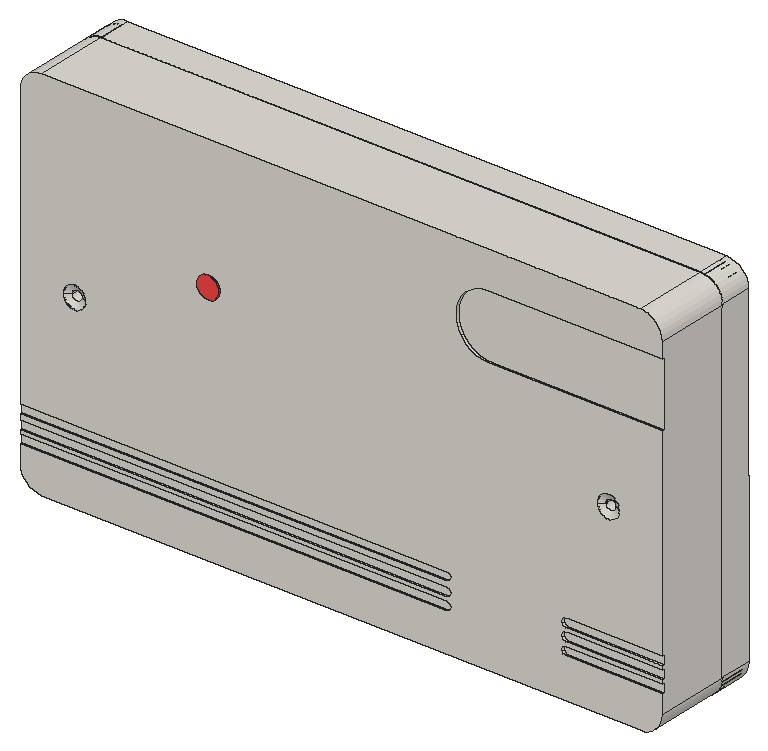
Revit family "TYCO-FPP-Zettler-DIM800 detector input monitor module", category Electrical Fixtures, Revit 2014
Parameters (values of type "TYCO-FPP-Zettler-DIM800 detector input monitor module")
  Wire Size (maximum) = "2.5sq. mm"
  Width = 84 mm  # constant formula
  URL = "https://www.tycosafetyproducts-anz.com/public/Datasheet/CIM800dat1505.pdf"
  Type Comments = "The CIM800 is a flexible addressable input-monitoring\r\ndevice that fits in the standard ancillary housings."
  Storage Temperature = "–40°C to +80°C"
  Relative Humidity = "10% to 95%"
  Rear Cover = yes
  Quiescent Current = "280μA\r\n280μA"
  PCB = PCB
  Model = "Zettler-555.800.012"
  Manufacturer = "Tyco"
  Loop Voltage = "20V to 40Vdc"
  Length = 61 mm  # constant formula
  Keynote = "Interface up to 2 circuits of\r\nconventional detectors"
  Front Cover = yes
  Detector Load = "3mA (max. per input)"
  Detector EOL = "4k7 Ohm"
  Description = "The DIM800 Addressable Detector Input Module interfaces\r\ntwo conventional detector circuits onto the MX addressable\r\nloop."
  Current per Circuit = ".5mA"
  Ambient Temperature = "–25°C to +70°C\r\n–25°C to +70°C"
  Alarm State Current = "280μA"
  Alarm Current = "30 to 50mA"
Reference planes
  plane 1 "Center (Front/Back)": y = 0
  plane 2: z = 0
  plane 3 "Center (Left/Right)": x = 0
  plane 4: z = -30.5
  plane 5: z = 30.5
  plane 6: x = -42
  plane 7: x = 42
Forms (mm)
  Extrusion 1, solid, material "PCB" <- "PCB", detail levels fine
    sketch origin (0, 0, 0) x (1, 0, 0) y (0, 0, 1)
      loop
        line (-42, 30.5) -> (-42, -30.5) -> (42, -30.5) -> (42, 30.5) -> (-42, 30.5)
      loop
        circle (-27.247, 10.659) r 2.622
      loop
        circle (-27.247, -10.659) r 2.622
      loop
        circle (27.247, 10.659) r 2.622
      loop
        circle (27.247, -10.659) r 2.622
      loop
        circle (37.556, 26.606) r 1.086
      loop
        circle (37.556, -26.606) r 1.086
      loop
        circle (-37.556, 26.606) r 1.086
      loop
        circle (-37.556, -26.606) r 1.086
    from 0 to -0.506
  Extrusion 2, solid, material "ss", detail levels fine
    sketch origin (-42, 0, 25.5) x (0, 0, 1) y (0, 1, 0)
      loop
        line (3.493, 0) -> (-7.283, 0) -> (-7.283, -2.806) -> (-4.09, -5.999) -> (0.91, -5.999) -> (3.493, -3.416) -> (3.493, 0)
    from -13.219 to -70.891
  Extrusion 3, solid, material "ST", detail levels fine
    sketch origin (-42, 0, 18.217) x (-1, 0, 0) y (0, 1, 0)
      loop
        line (-14.91, -3.079) -> (-18.456, -3.079) -> (-18.456, -5.523) -> (-14.91, -5.523) -> (-14.91, -3.079)
      loop
        line (-19.339, -3.079) -> (-22.804, -3.079) -> (-22.804, -5.523) -> (-19.339, -5.523) -> (-19.339, -3.079)
      loop
        line (-23.747, -3.079) -> (-27.212, -3.079) -> (-27.212, -5.523) -> (-23.747, -5.523) -> (-23.747, -3.079)
      loop
        line (-28.176, -3.079) -> (-31.641, -3.079) -> (-31.641, -5.523) -> (-28.176, -5.523) -> (-28.176, -3.079)
      loop
        line (-32.813, -3.079) -> (-36.278, -3.079) -> (-36.278, -5.523) -> (-32.813, -5.523) -> (-32.813, -3.079)
      loop
        line (-37.284, -3.079) -> (-40.749, -3.079) -> (-40.749, -5.523) -> (-37.284, -5.523) -> (-37.284, -3.079)
      loop
        line (-69.008, -3.079) -> (-69.008, -5.523) -> (-65.544, -5.523) -> (-65.544, -3.079) -> (-69.008, -3.079)
      loop
        line (-64.661, -3.079) -> (-64.661, -5.523) -> (-61.196, -5.523) -> (-61.196, -3.079) -> (-64.661, -3.079)
      loop
        line (-60.253, -3.079) -> (-60.253, -5.523) -> (-56.788, -5.523) -> (-56.788, -3.079) -> (-60.253, -3.079)
      loop
        line (-55.824, -3.079) -> (-55.824, -5.523) -> (-52.359, -5.523) -> (-52.359, -3.079) -> (-55.824, -3.079)
      loop
        line (-51.187, -3.079) -> (-51.187, -5.523) -> (-47.722, -5.523) -> (-47.722, -3.079) -> (-51.187, -3.079)
      loop
        line (-46.716, -3.079) -> (-46.716, -5.523) -> (-43.251, -5.523) -> (-43.251, -3.079) -> (-46.716, -3.079)
    from -0.123 to -3.193
  Extrusion 4, solid, material "ST", detail levels fine
    sketch origin (-42, -5.999, 26.41) x (0, 0.707107, 0.707107) y (-1, 0, 0)
      loop
        circle (2, -16.53) r 1.452
      loop
        circle (2, -20.889) r 1.452
      loop
        circle (2, -25.257) r 1.452
      loop
        circle (2, -29.767) r 1.452
      loop
        circle (2, -34.462) r 1.452
      loop
        circle (2, -38.947) r 1.452
      loop
        circle (2, -44.808) r 1.452
      loop
        circle (2, -49.284) r 1.452
      loop
        circle (1.753, -53.993) r 1.452
      loop
        circle (1.753, -58.469) r 1.452
      loop
        circle (1.753, -62.858) r 1.452
      loop
        circle (1.753, -67.189) r 1.452
    from -0.992 to 0.551
  Extrusion 5, solid, material "RS", detail levels fine
    sketch origin (0, 0, 0) x (1, 0, 0) y (0, 0, 1)
      loop
        circle (-10.821, 7.014) r 1.667
      loop
        circle (-10.821, 7.014) r 1.124
      loop
        circle (8.407, 7.685) r 1.667
      loop
        circle (8.407, 7.685) r 1.124
      loop
        circle (11.05, 12.453) r 1.667
      loop
        circle (11.05, 12.453) r 1.124
      loop
        circle (-10.821, 12.014) r 1.667
      loop
        circle (-10.821, 12.014) r 1.124
    from 0 to 3.079
  Extrusion 6, solid, material "RS(1)", detail levels fine
    sketch origin (0, 0, 0) x (1, 0, 0) y (0, 0, 1)
      loop
        circle (-4.351, -23.584) r 2.22
    from 0 to 5.103
Lines and regions (mm)
  model lines, detail levels fine
    curve 1: line (1.763, 0, 9.638) -> (6.502, 0, 4.9)
    curve 2: line (6.502, 0, 4.9) -> (21.527, 0, 4.9)
    curve 3: line (2.392, 0, 10.141) -> (6.833, 0, 5.7)
    curve 4: line (6.833, 0, 5.7) -> (21.502, 0, 5.7)
    curve 5: line (31.478, 0, 5.7) -> (36.502, 0, 5.7)
    curve 6: line (36.502, 0, 5.7) -> (36.502, 0, -11.206)
    curve 7: line (36.502, 0, -11.206) -> (32.966, 0, -14.742)
    curve 8: line (32.966, 0, -14.742) -> (32.966, 0, -22.251)
    curve 9: line (31.502, 0, 6.5) -> (37.302, 0, 6.5)
    curve 10: line (37.302, 0, 6.5) -> (37.302, 0, -11.538)
    curve 11: line (37.302, 0, -11.538) -> (33.766, 0, -15.073)
    curve 12: line (33.766, 0, -15.073) -> (33.766, 0, -22.295)
    curve 13: line (19.85, 0, -2.373) -> (19.85, 0, -18.714)
    curve 14: line (19.85, 0, -18.714) -> (16.317, 0, -22.247)
    curve 15: line (20.65, 0, -2.368) -> (20.65, 0, -19.046)
    curve 16: line (20.65, 0, -19.046) -> (16.931, 0, -22.765)
    curve 17: line (2.946, 0, -2.4) -> (6.085, 0, -5.538)
    curve 18: line (6.085, 0, -5.538) -> (16.94, 0, -5.538)
    curve 19: line (2.354, 0, -2.939) -> (5.754, 0, -6.338)
    curve 20: line (5.754, 0, -6.338) -> (16.924, 0, -6.338)
    curve 21: line (-36.808, 0, -19.354) -> (-36.808, 0, 14.365)
    curve 22: line (-36.808, 0, 14.365) -> (-30.85, 0, 14.365)
    curve 23: line (-37.608, 0, -19.328) -> (-37.608, 0, 15.165)
    curve 24: line (-37.608, 0, 15.165) -> (-30.85, 0, 15.165)
    curve 25: line (-24.467, 0, 6.5) -> (-22.33, 0, 4.363)
    curve 26: line (-22.33, 0, 4.363) -> (-8.704, 0, 4.363)
    curve 27: line (-8.704, 0, 4.363) -> (-8.704, 0, -5.588)
    curve 28: line (-23.901, 0, 7.066) -> (-21.999, 0, 5.163)
    curve 29: line (-21.999, 0, 5.163) -> (-7.904, 0, 5.163)
    curve 30: line (-7.904, 0, 5.163) -> (-7.904, 0, -5.612)
    curve 31: line (-20.061, 0, 8.821) -> (-2.117, 0, 8.821)
    curve 32: line (-20.013, 0, 9.621) -> (-2.117, 0, 9.621)
    curve 33: line (39.756, 0, -7.953) -> (39.756, 0, 19.224)
    curve 34: line (39.756, 0, 19.224) -> (33.766, 0, 19.224)
    curve 35: line (38.956, 0, 18.424) -> (33.744, 0, 18.424)
    curve 36: line (38.956, 0, -7.998) -> (38.956, 0, 18.424)
    curve 37: circle (32.68, 0, 18.853) r 1.147 normal (0, -1, 0)
    curve 38: circle (30.709, 0, 6.123) r 0.877 normal (0, -1, 0)
    curve 39: circle (39.401, 0, -8.776) r 0.897 normal (0, -1, 0)
    curve 40: circle (1.46, 0, 10.662) r 1.068 normal (0, -1, 0)
    curve 41: circle (22.697, 0, 5.337) r 1.249 normal (0, -1, 0)
    curve 42: circle (33.316, 0, -23.181) r 0.993 normal (0, -1, 0)
    curve 43: circle (16, 0, -23.247) r 1.048 normal (0, -1, 0)
    curve 44: circle (18.024, 0, -5.961) r 1.163 normal (0, -1, 0)
    curve 45: circle (20.244, 0, -1.435) r 1.018 normal (0, -1, 0)
    curve 46: circle (2.091, 0, -2.055) r 0.923 normal (0, -1, 0)
    curve 47: circle (-8.334, 0, -6.598) r 1.076 normal (0, -1, 0)
    curve 48: circle (-1.49, 0, 9.16) r 1.077 normal (0, -1, 0)
    curve 49: circle (-23.901, 0, 7.066) r 0.8 normal (0, -1, 0)
    curve 50: circle (-20.742, 0, 9.263) r 0.812 normal (0, -1, 0)
    curve 51: circle (-29.845, 0, 14.798) r 0.868 normal (0, -1, 0)
    curve 52: circle (-37.248, 0, -20.601) r 1.323 normal (0, -1, 0)
    curve 53: line (-42, 0, 30.5) -> (42, 0, 30.5)
    curve 54: line (-42, 0, -30.5) -> (-42, 0, 30.5)
    curve 55: line (42, 0, -30.5) -> (-42, 0, -30.5)
    curve 56: line (42, 0, 30.5) -> (42, 0, -30.5)
Dimensions and locks
  equal spacing: plane 7, plane 3 "Center (Left/Right)", plane 6
  "Width": plane 7 to plane 6
  equal spacing: plane 5, plane 2, plane 4
  "Length": plane 5 to plane 4
  aligned and locked: level to plane 2
  aligned and locked: plane 5 to Extrusion 1 sketch curve
  aligned and locked: plane 6 to Extrusion 1 sketch curve
  aligned and locked: plane 4 to Extrusion 1 sketch curve
  aligned and locked: plane 7 to Extrusion 1 sketch curve
  aligned and locked: Extrusion 6 to plane 1 "Center (Front/Back)"
  aligned and locked: plane 5 to curve 53
  aligned and locked: plane 7 to curve 56
  aligned and locked: plane 4 to curve 55
  aligned and locked: plane 6 to curve 54
  aligned and locked: plane 1 "Center (Front/Back)" to nested 1
  aligned and locked: plane 2 to nested 1
  aligned and locked: plane 3 "Center (Left/Right)" to nested 1
  aligned and locked: nested 2 to Extrusion 1
  aligned and locked: plane 3 "Center (Left/Right)" to nested 2
  aligned and locked: plane 2 to nested 2
Automatic sketch dimensions
  plane 6 to Extrusion 1 sketch curve = 4.444 mm  (x2)
  plane 6 to Extrusion 1 sketch curve = 14.753 mm  (x2)
  plane 7 to Extrusion 1 sketch curve = 14.753 mm  (x2)
  plane 7 to Extrusion 1 sketch curve = 4.444 mm  (x2)
  plane 4 to Extrusion 1 sketch curve = 3.894 mm  (x2)
  Extrusion 1 sketch curve to level = 10.659 mm  (x2)
  level to Extrusion 1 sketch curve = 10.659 mm  (x2)
  plane 5 to Extrusion 1 sketch curve = 3.894 mm  (x2)
  Extrusion 2 sketch curve to Extrusion 1 = 0 mm
  Extrusion 1 to Extrusion 2 sketch curve = 12.283 mm
  Extrusion 2 sketch curve to Extrusion 2 sketch curve = 3.193 mm  (x2)
  Extrusion 1 to Extrusion 2 sketch curve = 4.09 mm
  Extrusion 2 sketch curve to Extrusion 2 sketch curve = 2.806 mm
  Extrusion 1 to Extrusion 2 sketch curve = 1.507 mm
  Extrusion 2 sketch curve to Extrusion 2 sketch curve = 3.416 mm
  Extrusion 3 sketch curve to Extrusion 2 = 1.883 mm
  Extrusion 3 sketch curve to Extrusion 3 sketch curve = 3.465 mm  (x11)
  Extrusion 3 sketch curve to Extrusion 2 = 0.273 mm  (x12)
  Extrusion 3 sketch curve to Extrusion 3 sketch curve = 0.883 mm  (x2)
  Extrusion 3 sketch curve to Extrusion 3 sketch curve = 0.943 mm  (x2)
  Extrusion 3 sketch curve to Extrusion 3 sketch curve = 0.964 mm  (x2)
  Extrusion 3 sketch curve to Extrusion 3 sketch curve = 1.172 mm  (x2)
  Extrusion 3 sketch curve to Extrusion 3 sketch curve = 1.006 mm  (x2)
  Extrusion 3 sketch curve to Extrusion 3 sketch curve = 2.501 mm
  Extrusion 3 sketch curve to Extrusion 2 = 1.69 mm
  Extrusion 3 sketch curve to Extrusion 3 sketch curve = 2.444 mm  (x2)
  Extrusion 3 sketch curve to Extrusion 3 sketch curve = 0 mm  (x10)
  Extrusion 2 to Extrusion 4 sketch curve = 1.753 mm  (x4)
  Extrusion 4 sketch curve to Extrusion 2 = 1.654 mm  (x8)
  Extrusion 2 to Extrusion 4 sketch curve = 3.703 mm
  Extrusion 4 sketch curve to Extrusion 4 sketch curve = 4.331 mm
  Extrusion 4 sketch curve to Extrusion 4 sketch curve = 4.389 mm
  Extrusion 4 sketch curve to Extrusion 4 sketch curve = 4.476 mm  (x2)
  Extrusion 4 sketch curve to Extrusion 4 sketch curve = 4.709 mm
  Extrusion 4 sketch curve to Extrusion 4 sketch curve = 5.862 mm
  Extrusion 4 sketch curve to Extrusion 4 sketch curve = 4.485 mm
  Extrusion 4 sketch curve to Extrusion 4 sketch curve = 4.695 mm
  Extrusion 4 sketch curve to Extrusion 4 sketch curve = 4.509 mm
  Extrusion 4 sketch curve to Extrusion 4 sketch curve = 4.369 mm
  Extrusion 2 to Extrusion 4 sketch curve = 3.31 mm
  curve 24 to Extrusion 1 = 4.392 mm
  curve 23 to curve 52 = 0.36 mm
  curve 23 to curve 21 = 0.8 mm
  curve 21 to curve 51 = 6.962 mm
  curve 51 to curve 49 = 5.945 mm
  curve 49 to curve 26 = 1.571 mm
  curve 25 to curve 28 = 0.331 mm
  curve 49 to curve 50 = 3.159 mm
  curve 50 to curve 27 = 12.038 mm
  curve 27 to curve 47 = 0.37 mm
  curve 26 to curve 30 = 0.8 mm
  curve 29 to curve 48 = 6.414 mm
  curve 48 to curve 40 = 2.95 mm
  curve 30 to curve 46 = 9.995 mm
  curve 46 to curve 19 = 3.663 mm
  curve 19 to curve 18 = 0.331 mm
  curve 40 to curve 1 = 5.041 mm
  curve 1 to curve 3 = 0.331 mm
  curve 43 to Extrusion 1 = 7.253 mm
  curve 19 to curve 43 = 10.246 mm
  curve 17 to curve 44 = 11.939 mm
  curve 43 to curve 13 = 3.85 mm
  curve 13 to curve 45 = 0.394 mm
  curve 13 to curve 16 = 0.8 mm
  curve 45 to curve 41 = 2.453 mm
  curve 41 to curve 38 = 8.012 mm
  curve 37 to Extrusion 1 = 9.32 mm
  curve 7 to Extrusion 1 = 9.034 mm
  curve 8 to curve 42 = 0.35 mm
  curve 7 to curve 12 = 0.8 mm
  curve 5 to Extrusion 1 = 5.498 mm
  curve 6 to curve 10 = 0.8 mm
  curve 36 to Extrusion 1 = 3.044 mm
  curve 36 to curve 39 = 0.446 mm
  curve 35 to curve 34 = 0.8 mm
  curve 42 to Extrusion 1 = 7.319 mm
  curve 52 to Extrusion 1 = 9.899 mm
  curve 43 to curve 16 = 4.201 mm
  curve 15 to curve 14 = 0.331 mm
  curve 42 to curve 12 = 8.108 mm
  curve 11 to curve 7 = 0.331 mm
  curve 11 to curve 11 = 3.536 mm
  curve 10 to curve 7 = 0.331 mm
  curve 10 to curve 39 = 2.761 mm
  curve 47 to Extrusion 1 = 23.902 mm
  curve 47 to curve 19 = 0.259 mm
  curve 20 to curve 44 = 0.378 mm
  curve 19 to curve 17 = 0.8 mm
  curve 17 to curve 46 = 3.484 mm
  curve 44 to curve 45 = 4.526 mm
  curve 47 to curve 26 = 10.961 mm
  curve 46 to curve 1 = 6.955 mm
  curve 25 to curve 29 = 0.8 mm
  curve 2 to curve 41 = 0.437 mm
  curve 41 to curve 5 = 0.363 mm
  curve 1 to curve 3 = 0.8 mm
  curve 5 to curve 38 = 0.423 mm
  curve 5 to curve 10 = 0.8 mm
  curve 28 to curve 49 = 1.902 mm
  curve 29 to curve 48 = 3.997 mm
  curve 49 to curve 50 = 2.198 mm
  curve 48 to curve 40 = 1.502 mm
  curve 49 to curve 21 = 7.299 mm
  curve 22 to curve 51 = 0.433 mm
  curve 21 to curve 23 = 0.8 mm
  curve 9 to curve 36 = 11.924 mm
  curve 35 to curve 37 = 0.43 mm
  curve 35 to curve 33 = 0.8 mm
  curve 24 to curve 51 = 1.005 mm
  curve 24 to curve 22 = 0 mm
  curve 25 to curve 49 = 0.566 mm  (x2)
  curve 28 to curve 49 = 0 mm  (x2)
  curve 50 to curve 31 = 0.681 mm
  curve 31 to curve 32 = 0.048 mm
  curve 31 to curve 48 = 0.627 mm
  curve 32 to curve 48 = 0.627 mm
  curve 1 to Extrusion 1 = 20.862 mm
  curve 40 to curve 1 = 0.303 mm
  curve 46 to curve 19 = 0.264 mm
  curve 3 to Extrusion 1 = 20.359 mm
  curve 19 to curve 17 = 0.592 mm
  curve 14 to Extrusion 1 = 8.253 mm
  curve 43 to curve 14 = 0.317 mm
  curve 20 to curve 44 = 1.1 mm
  curve 16 to Extrusion 1 = 7.735 mm
  curve 4 to curve 41 = 1.195 mm
  curve 38 to curve 5 = 0.769 mm
  curve 37 to curve 35 = 1.064 mm
  curve 42 to curve 12 = 0.886 mm
  curve 21 to curve 23 = 0.026 mm
  curve 39 to curve 36 = 0.778 mm
  curve 47 to curve 30 = 0.986 mm
  curve 19 to curve 46 = 0.884 mm
  curve 13 to curve 45 = 0.939 mm
  curve 31 to curve 48 = 0.339 mm
  Extrusion 5 sketch curve to Extrusion 5 sketch curve = 0 mm  (x9)
  Extrusion 5 sketch curve to Extrusion 1 = 31.179 mm
  Extrusion 5 sketch curve to Extrusion 5 sketch curve = 19.228 mm
  Extrusion 5 sketch curve to Extrusion 5 sketch curve = 2.643 mm
  Extrusion 5 sketch curve to Extrusion 1 = 23.486 mm
  Extrusion 5 sketch curve to Extrusion 5 sketch curve = 0.671 mm
  Extrusion 5 sketch curve to Extrusion 5 sketch curve = 5 mm
  Extrusion 5 sketch curve to Extrusion 5 sketch curve = 4.768 mm
  Extrusion 6 sketch curve to Extrusion 1 = 6.916 mm
  Extrusion 6 sketch curve to Extrusion 1 = 37.649 mm
  radius of Extrusion 1 sketch curve = 2.622 mm  (x4)
  radius of Extrusion 1 sketch curve = 1.086 mm  (x4)
  radius of Extrusion 4 sketch curve = 1.452 mm  (x12)
  radius of curve 48 = 1.077 mm
  radius of curve 51 = 0.868 mm
  radius of Extrusion 5 sketch curve = 1.667 mm  (x4)
  radius of Extrusion 5 sketch curve = 1.124 mm  (x4)
  radius of Extrusion 6 sketch curve = 2.22 mm
Nested families
  nested 1: "517.035.007" at (0, 0, 0), visible <- "Front Cover", type "517.035.007 cover", detail levels fine
    with Front Cover yes
  nested 2: "517.035.010 rear cover" at (0, -5.859, -7.5), visible <- "Rear Cover", type "517.035.010 back box", detail levels fine
    with Rear cover yes
Connectors
  electrical at (0, 0.506, 0)
    settings: on Extrusion 1, index 1, voltage 24 V, apparent load 0 VA, apparent load phase1 0 VA, apparent load phase2 0 VA, apparent load phase3 0 VA, power factor 1, load classification "Other", number of poles 1, system type 31, power factor state 1, is connector primary yes, connector utility no, sub classification motor no, connector description ""
Definition of nested family "517.035.007"
  Parameters (values of type "517.035.007 cover")
    X = 2 mm
    W = 148 mm
    Type Comments = "M520 Ancillary cover for use with 800 series modules.\r\nWill fit onto a MK style double gang back box."
    Model = "517.035.007"
    Material = Cover
    Manufacturer = "Tyco"
    L = 87 mm
    Front Cover [instance] = yes
    Description = "M520 Ancillary Cover"
    D = 23 mm
  Reference planes
    plane 1 "Center (Front/Back)": y = 0
    plane 2: z = 0
    plane 3 "Center (Left/Right)": x = 0
    plane 4: x = -74
    plane 5: x = 74
    plane 6: x = 61.5
    plane 7: z = 43.5
    plane 8: z = -43.5
    plane 9: y = -23
  Forms (mm)
    Extrusion 1, solid, material "Cover" <- "Material", visible <- "Front Cover", detail levels fine
      sketch origin (0, -23.027, 0) x (1, 0, 0) y (0, 0, 1)
        loop
          arc (-69, 43.5) -> (-72.536, 42.036) -> (-74, 38.5) r 5
          line (-74, 38.5) -> (-74, -38.5)
          arc (-74, -38.5) -> (-72.536, -42.036) -> (-69, -43.5) r 5
          line (-69, -43.5) -> (69, -43.5)
          arc (69, -43.5) -> (72.536, -42.036) -> (74, -38.5) r 5
          line (74, -38.5) -> (74, 38.5)
          arc (74, 38.5) -> (72.536, 42.036) -> (69, 43.5) r 5
          line (69, 43.5) -> (-69, 43.5)
      from -23 to 0
    Extrusion 2, void
      sketch origin (0, -23.027, 0) x (-1, 0, 0) y (0, 0, 1)
        loop
          line (74, -26.396) -> (-24.324, -26.396)
          arc (-24.324, -26.396) -> (-25.324, -27.396) -> (-24.324, -28.396) r 1
          line (-24.324, -28.396) -> (74, -28.396) -> (74, -26.396)
        loop
          line (74, -29.671) -> (-24.324, -29.671)
          arc (-24.324, -29.671) -> (-25.324, -30.671) -> (-24.324, -31.671) r 1
          line (-24.324, -31.671) -> (74, -31.671) -> (74, -29.671)
        loop
          line (74, -32.583) -> (-24.324, -32.583)
          arc (-24.324, -32.583) -> (-25.324, -33.583) -> (-24.324, -34.583) r 1
          line (-24.324, -34.583) -> (74, -34.583) -> (74, -32.583)
        loop
          line (-51.834, -26.396) -> (-74, -26.396) -> (-74, -28.396) -> (-51.834, -28.396)
          arc (-51.834, -28.396) -> (-50.834, -27.396) -> (-51.834, -26.396) r 1
        loop
          line (-51.834, -29.305) -> (-74, -29.305) -> (-74, -31.305) -> (-51.834, -31.305)
          arc (-51.834, -31.305) -> (-50.834, -30.305) -> (-51.834, -29.305) r 1
        loop
          line (-51.834, -32.254) -> (-74, -32.254) -> (-74, -34.254) -> (-51.834, -34.254)
          arc (-51.834, -34.254) -> (-50.834, -33.254) -> (-51.834, -32.254) r 1
        loop
          line (-74, 34.995) -> (-74, 19.995) -> (-34, 19.995)
          arc (-34, 19.995) -> (-26.5, 27.495) -> (-34, 34.995) r 7.5
          line (-34, 34.995) -> (-74, 34.995)
      from 0 to 0.563
    Revolve 3, void
      sketch origin (0, -23.027, 0) x (0, -1, 0) y (1, 0, 0)
        loop
          line (-3.575, 61.5) -> (0, 61.5) -> (0, 64.045) -> (-0.836, 62.678) -> (-3.575, 62.678) -> (-3.575, 61.5)
        axis (-3.575, 61.5) -> (0, 61.5)
      angle from 0 to 360
    Extrusion 4, solid, material "LED RED", detail levels fine
      sketch origin (0, -23.027, 0) x (1, 0, 0) y (0, 0, 1)
        loop
          circle (-30.624, 12.978) r 2.558
      from -1.293 to 0.174
    Extrusion 5, void
      sketch origin (-94.576, -0.027, -4572) x (1, 0, 0) y (0, 0, -1)
        loop
          line (26.703, -4612.567) -> (162.316, -4612.567)
          arc (162.316, -4612.567) -> (164.664, -4611.594) -> (165.637, -4609.246) r 3.321
          line (165.637, -4609.246) -> (165.637, -4534.612)
          arc (165.637, -4534.612) -> (164.589, -4532.082) -> (162.058, -4531.033) r 3.578
          line (162.058, -4531.033) -> (27.05, -4531.033)
          arc (27.05, -4531.033) -> (24.499, -4532.09) -> (23.442, -4534.641) r 3.608
          line (23.442, -4534.641) -> (23.442, -4609.306)
          arc (23.442, -4609.306) -> (24.397, -4611.612) -> (26.703, -4612.567) r 3.261
      from 0 to -19.425
    Revolve 6, void
      sketch origin (0, -23.027, 0) x (0, 1, 0) y (-1, 0, 0)
        loop
          line (3.575, 61.5) -> (3.575, 62.678) -> (0.836, 62.678) -> (0, 64.045) -> (0, 61.5) -> (3.575, 61.5)
        axis (3.575, 61.5) -> (0, 61.5)
      angle from 0 to 360
  Cuts and joins
    Extrusion 2, Revolve 3, Extrusion 5, Revolve 6 cuts Extrusion 1
  Dimensions and locks
    equal spacing: plane 4, plane 3 "Center (Left/Right)", plane 5
    "W": plane 4 to plane 5
    locked: plane 5 to plane 6 at 12.5
    equal spacing: plane 7, level, plane 8
    "L": plane 7 to plane 8
    "D": plane 9 to plane 1 "Center (Front/Back)"
    aligned and locked: plane 2 to level
    aligned and locked: Extrusion 1 to Extrusion 5
    aligned and locked: Extrusion 1 sketch curve to plane 7
    aligned and locked: plane 4 to Extrusion 1 sketch curve
    aligned and locked: Extrusion 1 sketch curve to plane 8
    aligned and locked: Extrusion 1 to Extrusion 2
  Automatic sketch dimensions
    plane 5 to Extrusion 1 sketch curve = 0 mm
    plane 4 to Extrusion 1 sketch curve = 5 mm  (x2)
    plane 5 to Extrusion 1 sketch curve = 5 mm
    Extrusion 1 sketch curve to Extrusion 1 sketch curve = 5 mm
    plane 5 to Extrusion 2 sketch curve = 0 mm  (x4)
    Extrusion 2 sketch curve to plane 4 = 0 mm  (x3)
    Extrusion 2 sketch curve to plane 6 = 9.666 mm
    Extrusion 2 sketch curve to Extrusion 2 sketch curve = 0 mm  (x4)
    Extrusion 2 sketch curve to plane 6 = 27.5 mm
    Extrusion 2 sketch curve to plane 8 = 9.917 mm
    plane 3 "Center (Left/Right)" to Extrusion 2 sketch curve = 24.324 mm
    Extrusion 2 sketch curve to plane 8 = 9.246 mm
    Extrusion 2 sketch curve to plane 8 = 8.917 mm
    Extrusion 2 sketch curve to Extrusion 2 sketch curve = 1 mm  (x5)
    Extrusion 2 sketch curve to Extrusion 2 sketch curve = 0.912 mm
    Extrusion 2 sketch curve to Extrusion 2 sketch curve = 0.95 mm
    Extrusion 2 sketch curve to Extrusion 2 sketch curve = 0.908 mm
    Extrusion 2 sketch curve to Extrusion 2 sketch curve = 1.275 mm
    level to Extrusion 2 sketch curve = 19.995 mm
    Extrusion 2 sketch curve to Extrusion 2 sketch curve = 7.5 mm
    Revolve 3 sketch curve to plane 6 = 0 mm  (x2)
    plane 1 "Center (Front/Back)" to Revolve 3 sketch curve = 19.452 mm
    plane 6 to Revolve 3 sketch curve = 1.178 mm
    Revolve 3 sketch curve to Revolve 3 sketch curve = 2.739 mm
    plane 6 to Revolve 3 sketch curve = 2.545 mm
    Revolve 3 sketch curve to Revolve 3 sketch curve = 0.836 mm
    Revolve 3 sketch curve to Revolve 3 sketch curve = 0.558 mm
    Revolve 3 sketch curve to Revolve 3 sketch curve = 1.62 mm
    Extrusion 4 sketch curve to Extrusion 1 = 43.376 mm
    Extrusion 4 sketch curve to Extrusion 1 = 30.522 mm
    plane 4 to Extrusion 5 sketch curve = 2.867 mm
    Extrusion 5 sketch curve to plane 7 = 2.933 mm
    Extrusion 5 sketch curve to Extrusion 5 sketch curve = 3.261 mm
    Extrusion 5 sketch curve to plane 8 = 2.533 mm
    Extrusion 5 sketch curve to Extrusion 5 sketch curve = 3.608 mm
    plane 6 to Extrusion 5 sketch curve = 5.983 mm
    plane 6 to Extrusion 5 sketch curve = 6.24 mm
    plane 5 to Extrusion 5 sketch curve = 2.939 mm
    plane 1 "Center (Front/Back)" to Revolve 6 sketch curve = 23.027 mm
    Revolve 6 sketch curve to Revolve 6 sketch curve = 0.836 mm
    Revolve 6 sketch curve to Revolve 6 sketch curve = 2.739 mm
    plane 4 to Revolve 6 sketch curve = 12.5 mm
    Revolve 6 sketch curve to Revolve 6 sketch curve = 1.178 mm
    Revolve 6 sketch curve to Revolve 6 sketch curve = 1.367 mm
    Revolve 6 sketch curve to Revolve 6 sketch curve = 1.62 mm
    Revolve 6 sketch curve to Revolve 6 sketch curve = 0.558 mm
    Revolve 6 sketch curve to Revolve 6 sketch curve = 0 mm
    radius of Extrusion 4 sketch curve = 2.558 mm
Definition of nested family "517.035.010 rear cover"
  Parameters (values of type "517.035.010 back box")
    W = 148 mm
    URL = "http://tfppemea.com/en/_layouts/fsassets/Docs/Detection_FireClass/UK%20FireClass%20CATALOGUE%20(LR).pdf"
    Type Comments = "K2142 White plastic surface mount MK backbox for use\r\nwith 800 Series addressable ancillaries using 517.035.007\r\ncover."
    Rear cover [instance] = yes
    Model = "517.035.010\r\n517.035.010"
    Manufacturer = "Tyco"
    L = 87 mm
    Finish = rear cover
    Description = "K2142 White Plastic Surface Mount MK\r\nbackbox"
  Reference planes
    plane 1 "Center (Front/Back)": y = 0
    plane 2: z = 0
    plane 3 "Center (Left/Right)": x = 0
    plane 4: x = -74
    plane 5: x = 74
    plane 6: z = 7.5
  Forms (mm)
    Extrusion 1, solid, material "rear cover" <- "Finish", visible <- "Rear cover", detail levels fine
      sketch origin (0, 7.5, 7.5) x (1, 0, 0) y (0, 0, 1)
        loop
          arc (-69, 43.5) -> (-72.536, 42.036) -> (-74, 38.5) r 5
          line (-74, 38.5) -> (-74, -38.5)
          arc (-74, -38.5) -> (-72.536, -42.036) -> (-69, -43.5) r 5
          line (-69, -43.5) -> (69, -43.5)
          arc (69, -43.5) -> (72.536, -42.036) -> (74, -38.5) r 5
          line (74, -38.5) -> (74, 38.5)
          arc (74, 38.5) -> (72.536, 42.036) -> (69, 43.5) r 5
          line (69, 43.5) -> (-69, 43.5)
      from 0 to 7.5
    Extrusion 2, void
      sketch origin (0, 0, 0) x (-1, 0, 0) y (0, 0, 1)
        loop
          line (71.151, 48.985) -> (-71.802, 48.985) -> (-71.802, -33.613) -> (71.151, -33.613) -> (71.151, 48.985)
        loop
          circle (-61, 7.5) r 1.229
        loop
          circle (-61, 7.5) r 2.2
        loop
          circle (61, 7.5) r 1.229
        loop
          circle (61, 7.5) r 2.2
      from 0 to 6.364
  Cuts and joins
    Extrusion 2 cuts Extrusion 1
  Dimensions and locks
    equal spacing: plane 4, plane 3 "Center (Left/Right)", plane 5
    "W": plane 4 to plane 5
    plane 6 to plane 2 = 7.5 mm
    aligned and locked: plane 2 to level
    aligned and locked: Extrusion 1 sketch curve to plane 4
    aligned and locked: Extrusion 1 sketch curve to plane 5
  Automatic sketch dimensions
    Extrusion 1 sketch curve to plane 4 = 5 mm
    Extrusion 1 sketch curve to Extrusion 1 sketch curve = 5 mm
    Extrusion 1 sketch curve to plane 5 = 5 mm  (x2)
    Extrusion 1 sketch curve to level = 36 mm
    plane 6 to Extrusion 1 sketch curve = 38.5 mm
    Extrusion 2 sketch curve to Extrusion 2 sketch curve = 0 mm  (x4)
    Extrusion 2 sketch curve to plane 6 = 0 mm  (x2)
    Extrusion 2 sketch curve to plane 5 = 2.198 mm
    Extrusion 2 sketch curve to plane 5 = 13 mm
    Extrusion 2 sketch curve to plane 4 = 13 mm
    Extrusion 2 sketch curve to plane 4 = 2.849 mm
    Extrusion 2 sketch curve to level = 33.613 mm
    plane 6 to Extrusion 2 sketch curve = 41.485 mm
    radius of Extrusion 2 sketch curve = 1.229 mm  (x2)
    radius of Extrusion 2 sketch curve = 2.2 mm  (x2)
